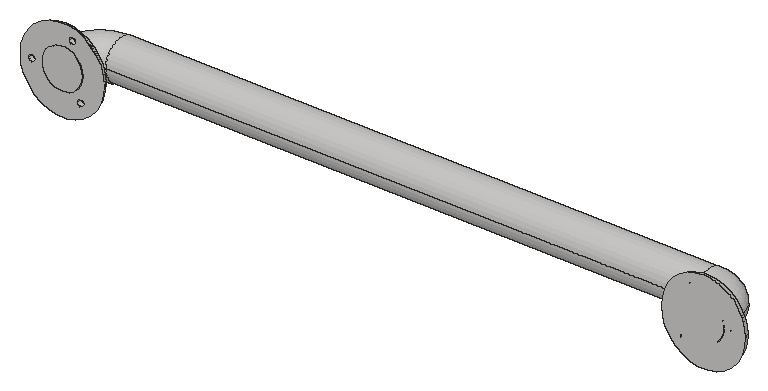
Revit family "Krome C8863-C8868 VS seris", category Generic Models, Revit 2018
Family settings
  Can host rebar = No
  Round Connector Dimension = Use Diameter
  Part Type = Normal
  Work Plane-Based = No
  Always vertical = Yes
  Cut with Voids When Loaded = No
  Shared = No
  Room Calculation Point = No
Parameters (values of type "C8868-VS-48" Ecoline Wall Mount Grab Bar Vibrant Stainless")
  Weight (lbs.) = "3.20"
  URL = "http://www.kromedispense.com/"
  Tube Dia [instance] = 0' - 3"
  Model = "C8863-VS Series"
  Keynote = ""
  Grab Bar space [instance] = 0' - 6.05"
  Grab Bar Material [instance] = Stainless Steel
  Grab Bar Length [instance] = 4' - 0"
Types (7): name | Weight (lbs.) | Grab Bar Material | Grab Bar Length
  (no name) | "3.20" | Stainless Steel | 4' - 0"
  C8864-VS-12" Ecoline Wall Mount Grab Bar Vibrant Stainless | "1.29" | none | 1' - 0"
  C8863-VS-9" Ecoline Wall Mount Grab Bar Vibrant Stainless | "1.20" | none | 0' - 9"
  C8865-VS-18" Ecoline Wall Mount Grab Bar Vibrant Stainless | "1.61" | none | 1' - 6"
  C8866-VS-24" Ecoline Wall Mount Grab Bar Vibrant Stainless | "1.95" | Stainless Steel | 2' - 0"
  C8867-VS-36" Ecoline Wall Mount Grab Bar Vibrant Stainless | "2.57" | none | 3' - 0"
  C8868-VS-48" Ecoline Wall Mount Grab Bar Vibrant Stainless | "3.20" | Stainless Steel | 4' - 0"
Reference planes (in)
  plane 1: y = 43
  plane 2 "Center (Left/Right)": x = 0
  plane 3 "Wall Edge": y = 6.05
  plane 4 "Grab Bar hight": z = 30
  plane 5: x = -48
Forms (in)
  Sweep 1, solid, material "Stainless Steel"
    path origin (0, 0.0413, 30.08212) x (1, 0, 0) y (0, 1, 0)
      loop
        line (-48, 3) -> (-48, 4.05)
        arc (-48, 4.05) -> (-47.41421, 5.46421) -> (-46, 6.05) r 2
        line (-46, 6.05) -> (-2, 6.05)
        arc (-2, 6.05) -> (-0.58579, 5.46421) -> (0, 4.05) r 2
        line (0, 4.05) -> (0, 3)
    profile origin (-48, 3.5663, 30.08212) x (-1, 0, 0) y (0, 0, 1)
      loop
        circle (0, 0) r 1.5
  Blend 2, solid, material "Stainless Steel"
    base sketch origin (0, 6.05, 0) x (1, 0, 0) y (0, 0, 1)
      loop
        circle (-48, 30) r 3.15
    top sketch origin (0, 6.05, 0) x (1, 0, 0) y (0, 0, 1)
      loop
        circle (-48, 30) r 3
    from 3.0087 to 2.68615
  Extrusion 3, void
    sketch origin (0, 6.05, 0) x (1, 0, 0) y (0, 0, 1)
      loop
        circle (-50.26062, 30) r 0.25
      loop
        circle (-47.22681, 32.20419) r 0.25
      loop
        circle (-46.60107, 28.25344) r 0.25
    from 2.68615 to 3.0087
  Blend 4, solid, material "Stainless Steel"
    base sketch origin (0, 6.05, 0) x (1, 0, 0) y (0, 0, 1)
      loop
        circle (0, 30) r 3
    top sketch origin (0, 6.05, 0) x (1, 0, 0) y (0, 0, 1)
      loop
        circle (0, 30) r 3.15
    from 2.68615 to 3.05
  Extrusion 5, void
    sketch origin (0, 6.05, 0) x (1, 0, 0) y (0, 0, 1)
      loop
        circle (2.26108, 30) r 0.25
      loop
        circle (-0.81074, 32.15091) r 0.25
      loop
        circle (-1.46192, 28.45788) r 0.25
    from 2.68615 to 3.0087
Cuts and joins
  Extrusion 3 cuts Blend 2
  Extrusion 5 cuts Sweep 1
  Extrusion 5 cuts Blend 4
Text (in)
  text "Placement Side" at (0, 40.15149, 123.01588), in view "Right"
  text "Placement Side" at (-70.3804, 28.46503, 0), in view "Ref. Level"
  text "Placement Side" at (0, 81.62555, 140.59947), in view "Left"
Dimensions and locks (in)
  "Grab Bar Length": plane 5 to plane 2 "Center (Left/Right)"
  "Tube Dia": diameter of Sweep 1 sketch curve
Automatic sketch dimensions
  Sweep 1 sketch curve to plane 5 = 0' - 0"
  Sweep 1 sketch curve to plane 2 "Center (Left/Right)" = 0' - 0"
  Sweep 1 sketch curve to plane 3 "Wall Edge" = 0' - 0.0413"
  plane 5 to Sweep 1 sketch curve = 0' - 2"
  Sweep 1 sketch curve to plane 2 "Center (Left/Right)" = 0' - 2"
  Sweep 1 sketch curve to Sweep 1 sketch curve = 0' - 1.05"  (x2)
  Blend 2 sketch curve to plane 4 "Grab Bar hight" = 0' - 0"  (x2)
  Blend 2 sketch curve to plane 5 = 0' - 0"  (x2)
  Extrusion 3 sketch curve to plane 4 "Grab Bar hight" = 0' - 0"
  Extrusion 3 sketch curve to plane 5 = 0' - 2.26062"
  plane 5 to Extrusion 3 sketch curve = 0' - 0.77319"
  plane 5 to Extrusion 3 sketch curve = 0' - 1.39893"
  Extrusion 3 sketch curve to plane 4 "Grab Bar hight" = 0' - 1.74656"
  plane 4 "Grab Bar hight" to Extrusion 3 sketch curve = 0' - 2.20419"
  Blend 4 sketch curve to plane 2 "Center (Left/Right)" = 0' - 0"  (x2)
  Blend 4 sketch curve to plane 4 "Grab Bar hight" = 0' - 0"  (x2)
  Extrusion 5 sketch curve to plane 4 "Grab Bar hight" = 0' - 0"
  Extrusion 5 sketch curve to plane 2 "Center (Left/Right)" = 0' - 1.46192"
  Extrusion 5 sketch curve to plane 2 "Center (Left/Right)" = 0' - 0.81074"
  plane 2 "Center (Left/Right)" to Extrusion 5 sketch curve = 0' - 2.26108"
  Extrusion 5 sketch curve to plane 4 "Grab Bar hight" = 0' - 1.54212"
  plane 4 "Grab Bar hight" to Extrusion 5 sketch curve = 0' - 2.15091"
  Sweep 1 sketch curve to profile plane = 0' - 0"  (x2)
  radius of Blend 2 sketch curve = 0' - 3.15"
  radius of Blend 2 sketch curve = 0' - 3"
  radius of Extrusion 3 sketch curve = 0' - 0 1/4"  (x3)
  radius of Blend 4 sketch curve = 0' - 3"
  radius of Blend 4 sketch curve = 0' - 3.15"
  radius of Extrusion 5 sketch curve = 0' - 0 1/4"  (x3)
